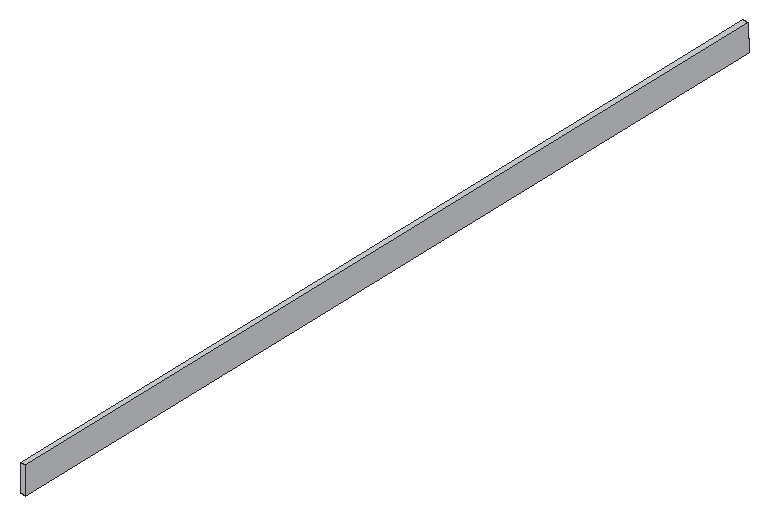
Revit family "Purlin", category Generic Models, Revit 2019
Family settings
  Can host rebar = No
  Round Connector Dimension = Use Diameter
  Part Type = Normal
  Work Plane-Based = No
  Always vertical = Yes
  Cut with Voids When Loaded = No
  Shared = No
  Room Calculation Point = No
Reference planes
  plane 1 "Center (Front/Back)": y = 0
  plane 2: z = 0
  plane 3 "Center (Left/Right)": x = 0
  plane 4: x = -5000
Forms (mm)
  Extrusion 1, solid
    sketch origin (-2505, 2495, 0) x (-1, 0, 0) y (0, 0, 1)
      loop
        line (-2475, 0) -> (-2475, 150) -> (-2505, 150) -> (-2505, 0) -> (-2475, 0)
    from 0 to -5000
Dimensions and locks
  plane 2 to Extrusion 1 = 150 mm
  aligned and locked: level to plane 2
